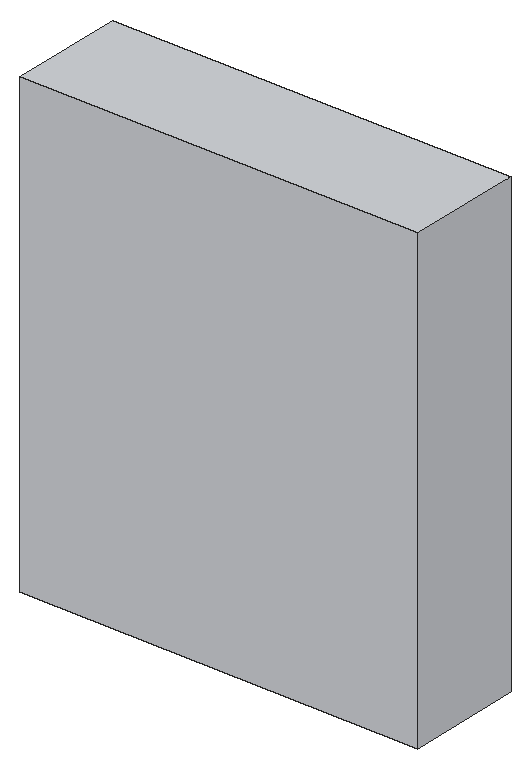
Revit family "Conexão de cabo_M", category Terreno, Revit 2019
Family settings
  Hospedeiro = Parede
  Cota do conector redondo = Utilizar diâmetro
  Tipo de parte = Normal
  ID de item do Seek = Cable Connection-0000-CAN-ENU
  Sempre na vertical = Sim
  Corte com vazios quando carregada = Não
  Compartilhado = Não
Parameters (values of type "Padrão")
  Largura = 145 mm
  Comprimento = 500 mm
  Altura da instalação = 1200 mm
  Altura = 580 mm
Reference planes
  plane 1: y = 0
  plane 2 "Centro (Esquerda/Direita)": x = 0
  plane 3 "Aresta da parede": y = 76.2
  plane 4: z = 1200
  plane 5: z = 1780
  plane 6: x = 250
  plane 7: x = -250
  plane 8: y = 221.2
Forms (mm)
  Extrusion 1, solid
    sketch origin (0, 0, 0) x (0, 1, 0) y (0, 0, 1)
      loop
        line (221.2, 1780) -> (76.2, 1780) -> (76.2, 1200) -> (221.2, 1200) -> (221.2, 1780)
    from -250 to 250
Text (mm)
  text "Lado da colocação" at (0, 1019.848, 3124.603), in view "Direita"
  text "Lado da colocação" at (-1787.662, 723.012, 0), in view "Nível de referência"
  text "Lado da colocação" at (0, 2073.289, 3571.227), in view "Esquerda"
Dimensions and locks
  locked: plane 3 "Aresta da parede" to host wall
  "Altura da instalação": plane 4 to level
  "Altura": plane 5 to plane 4
  equal spacing: plane 7, plane 2 "Centro (Esquerda/Direita)", plane 6
  "Comprimento": plane 7 to plane 6
  "Largura": plane 8 to plane 3 "Aresta da parede"
  aligned and locked: plane 8 to Extrusion 1 sketch curve
  aligned and locked: plane 5 to Extrusion 1 sketch curve
  aligned and locked: plane 4 to Extrusion 1 sketch curve
  aligned and locked: Extrusion 1 sketch curve to host wall
  aligned and locked: plane 7 to Extrusion 1
  aligned and locked: Extrusion 1 to plane 6
  aligned and locked: plane 5 to Extrusion 1
  aligned and locked: Extrusion 1 to plane 4
Connectors
  electrical at (250, 148.7, 1490)
    settings: on Extrusion 1, index 1, voltage 0 V, apparent load 0 VA, apparent load phase1 0 VA, apparent load phase2 0 VA, apparent load phase3 0 VA, power factor 1, load classification "Outros", number of poles 1, system type 5, power factor state 1, is connector primary yes, connector utility yes, sub classification motor no, connector description "Cabo"
  electrical at (-250, 148.7, 1490)
    settings: on Extrusion 1, index 2, voltage 0 V, apparent load 0 VA, apparent load phase1 0 VA, apparent load phase2 0 VA, apparent load phase3 0 VA, power factor 1, load classification "Outros", number of poles 1, system type 5, power factor state 1, is connector primary no, connector utility no, sub classification motor no, connector description "Cabo"
